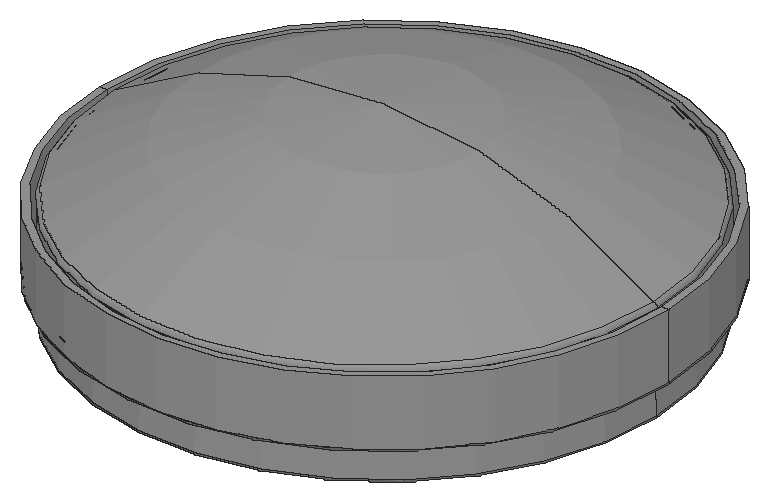
Revit family "3034820 Sylvania Lighting Fixture GIOTTO335 LED G2 4000K SURFACE 1-10V EMERGENCY", category Lighting Fixtures, host Face, Revit 2016
Family settings
  Host = Face
  Part Type = Normal
  Round Connector Dimension = Use Diameter
  OmniClass Number = 23.80.70.00
  OmniClass Title = Lighting
  Cut with Voids When Loaded = No
  Light Source = Yes
  Shared = No
  Room Calculation Point = No
Parameters (values of type "3034820 GIOTTO335 LED G2 SURFACE 4000K 1-10V E3")
  Weight = "1.5 kg"
  Wattage Comments = ""
  Wattage = 24 W
  WarrantyStartDate [instance] = "n/a"
  WarrantyGuarantorParts = "n/a"
  WarrantyDurationUnit = "n/a"
  WarrantyDurationParts = "n/a"
  WarrantyDescription = "n/a"
  built-in parameter 1150110 = 1 (stored number, unit not read)
  Voltage = 230 V
  URL = "http://www.sylvania-lighting.com"
  TypeName = "GIOTTO335 LED G2 4000K SURFACE 1-10V EMERGENCY"
  Type Image = <None>
  Type Comments = "n/a"
  built-in parameter 1114217 = 1 (stored number, unit not read)
  Tilt Angle = -90.00°
  built-in parameter 1150109 = 1 (stored number, unit not read)
  built-in parameter 1150134 = 12
  built-in parameter 1150113 = 1 (stored number, unit not read)
  SerialNumber [instance] = "n/a"
  Photometric Web File = "3034820.ies"
  Material_3_SYL = LED-Sylvania
  PowerFactor = 0
  PowerConsumption = "24 W"
  NominalLength = 335 mm
  NominalHeight = 110 mm
  NominalDepth = 335 mm
  Name = "GIOTTO335 LED G2 4000K SURFACE 1-10V EMERGENCY"
  ModelReference = Name  # "GIOTTO335 LED G2 4000K SURFACE 1-10V EMERGENCY"
  ModelNumber = "3034820"
  Model = Name  # "GIOTTO335 LED G2 4000K SURFACE 1-10V EMERGENCY"
  Material = "polycarbonate housing, polycarbonate diffuser"
  ManufacturerName = "Feilo Sylvania"
  Manufacturer = "Feilo Sylvania"
  LuminousEfficacy = "92 lm/W"
  built-in parameter 1150105 = 677.08 (stored number, unit not read)
  Lumens = 2208 lm
  LuminaireType = ""
  built-in parameter 1150115 = 1 (stored number, unit not read)
  LightOutputRatio = "n/a"
  built-in parameter 1150137 = (empty or 0)
  built-in parameter 1150139 = (empty or 0)
  LampsType = Lamp  # "LED"
  LampNominalLuminous = "2209 lm"
  LampMacAdamStep = "n/a"
  LampColourTemperature = "4000 K"
  LampColourRenderingIndex = "80"
  built-in parameter 1150112 = 1 (stored number, unit not read)
  built-in parameter 1150114 = 1 (stored number, unit not read)
  Lamp = "LED"
  Keynote = "16500"
  InstallationDate [instance] = "n/a"
  InputVoltage = "n/a"
  InputNominalFrequency = "n/a"
  built-in parameter 1150132 = (empty or 0)
  built-in parameter 1150102 = (empty or 0)
  built-in parameter 1150107 = 4000 (stored number, unit not read)
  built-in parameter 1150138 = (empty or 0)
  IngressProtection = "IP44"
  ImpactProtectionIndex = "IK10"
  built-in parameter 1150106 = 6.7708 (stored number, unit not read)
  IfcExportType = "IfcLightFixtureType"
  IfcExportAs = "IfcLightFixtureType"
  Height_SYL = 110 mm
  ExpectedLife = 50000
  Emit from Circle Diameter = 317 mm
  Emit Shape Visible in Rendering = no
  ElectricShockClassification = "Class I"
  built-in parameter 1150104 = 8.5471 (stored number, unit not read)
  DurationUnit = "hours"
  DocumentationLiterature = "http://www.sylvania-lighting.com/product/en-int/products/3034820"
  DimmingControlOptions = "n/a"
  Material_2_SYL = Polycarbonate_Sylvania_Giotto_Opal
  Dimming Lamp Color Temperature Shift = <None>
  DiffuserRadius_SYL = 282.611 mm
  Diameter_SYL = 335 mm
  Description = "Ambient and decorative round, surface mounted LED bulkhead luminaire. White robust polycarbonate body with opal diffuser, 2209 lm, 24W, 92lm/W, 4000K, CRI 80, 1-10V dimmable, integral 3 hour maintained emergency, 50,000 hours lumen maintenance. Drive current: 700mA, IP44, IK10, Class I, 220-240V, Energy class: A++, A+, A."
  Default Elevation = 1219.2 mm
  CreatedOn = "9/13/2018"
  CreatedBy = "@sylvania-lighting.com"
  Cost = 0
  Color Filter = 16777215
  built-in parameter 1114216 [instance] = (empty or 0)
  ClassificationValue = "EF_70_80"
  ClassificationName = "Uniclass2015"
  Material_1_SYL = Polycarbonate_Sylvania_Giotto_White
  BarCode [instance] = "n/a"
  built-in parameter 1114218 = 1 (stored number, unit not read)
  built-in parameter 1150133 = 10 (stored number, unit not read)
  AssetType = "Fixed"
  AssetIdentifier [instance] = "n/a"
  Assembly Code = "D5020200"
  Apparent Load = 24 VA
  Material_4_SYL = none
Types (2, lengths in mm): name | Wattage | Photometric Web File | built-in parameter 1150105 | Lumens | built-in parameter 1150132 | built-in parameter 1150106 | Apparent Load
  3034820 GIOTTO335 LED G2 SURFACE 4000K 1-10V E3 | 24 W | "3034820.ies" | 677.08 (stored number, unit not read) | 2208 lm | (empty or 0) | 6.7708 (stored number, unit not read) | 24 VA
  3034820 GIOTTO335 LED G2 SURFACE 4000K 1-10V E3 Emergency mode | 1.34783 W | "3034820EM.ies" | 38.695 (stored number, unit not read) | 124 lm | 2 | 0.38695 (stored number, unit not read) | 1.35 VA
Reference planes
  plane 1 "Center (Front/Back)": y = 0
  plane 2: z = 0
  plane 3 "Center (Left/Right)": x = 0
  plane 4: x = 167.5
  plane 5: x = -167.5
  plane 6: x = -160.5
  plane 7: x = -163.5
  plane 8: z = 110
  plane 9: z = 60
  plane 10: z = 20
  plane 11: z = 25
  plane 12: x = -165.9
  plane 13: z = 21.6
  plane 14: z = 1.6
  plane 15: x = -158.9
  plane 16: z = 19
  plane 17: x = -161.5
  plane 18: z = 26
Forms (mm)
  Revolve 1, solid, material "Polycarbonate_Sylvania_Giotto_White" <- "Material_1_SYL"
    sketch origin (0, 0, 0) x (1, 0, 0) y (0, 0, 1)
      loop
        line (0, 0) -> (0, 26) -> (-158.9, 26) -> (-158.9, 25) -> (-163.5, 25) -> (-163.5, 60) -> (-167.5, 60) -> (-167.5, 21.6)
        arc (-167.5, 21.6) -> (-167.031, 20.469) -> (-165.9, 20) r 1.6
        line (-165.9, 20) -> (-160.5, 20)
        arc (-160.5, 20) -> (-160.193, 19.541) -> (-160.086, 19) r 1.414
        line (-160.086, 19) -> (-160.5, 1.6)
        arc (-160.5, 1.6) -> (-160.031, 0.469) -> (-158.9, 0) r 1.6
        line (-158.9, 0) -> (0, 0)
      axis (0, 60) -> (0, 0)
    angle from 360 to 0
  Revolve 2, solid, material "Polycarbonate_Sylvania_Giotto_Opal" <- "Material_2_SYL"
    sketch origin (0, 0, 0) x (1, 0, 0) y (0, 0, 1)
      loop
        line (-160.5, 25) -> (-158.5, 25) -> (-158.5, 57.891)
        arc (-158.5, 57.891) -> (-158.267, 58.827) -> (-157.623, 59.545) r 2
        arc (-157.623, 59.545) -> (-82.451, 95.612) -> (0, 107.998) r 280.611
        line (0, 107.998) -> (0, 109.998)
        arc (0, 109.998) -> (-83.039, 97.523) -> (-158.747, 61.2) r 282.611
        arc (-158.747, 61.2) -> (-160.035, 59.763) -> (-160.5, 57.891) r 4
        line (-160.5, 57.891) -> (-160.5, 25)
      axis (0, 109.998) -> (0, 25)
    angle from 360 to 0
Dimensions and locks
  equal spacing: plane 4, plane 3 "Center (Left/Right)", plane 5
  "Diameter_SYL": plane 4 to plane 5
  locked: plane 6 to plane 5 at 7
  locked: plane 7 to plane 5 at 4
  "Height_SYL": plane 8 to plane 2
  locked: plane 8 to plane 9 at 50
  locked: plane 9 to plane 10 at 40
  Revolve 1 sketch curve to Revolve 1 sketch curve = 5.4 mm
  locked: plane 11 to plane 10 at 5
  locked: plane 12 to plane 5 at 1.6
  locked: plane 13 to plane 10 at 1.6
  locked: plane 14 to plane 2 at 1.6
  locked: plane 15 to plane 6 at 1.6
  locked: plane 6 to plane 17 at 1
  locked: plane 10 to plane 16 at 1
  locked: plane 18 to plane 11 at 1
  "DiffuserRadius_SYL": radius of Revolve 2 sketch curve
  aligned and locked: plane 2 to host face
  aligned and locked: level to host face
  aligned and locked: Revolve 1 sketch curve to plane 3 "Center (Left/Right)"
  aligned and locked: level to Revolve 1 sketch curve
  aligned and locked: Revolve 1 sketch curve to plane 10
  aligned and locked: plane 9 to Revolve 1 sketch curve
  aligned and locked: Revolve 1 sketch curve to plane 7
  aligned and locked: plane 12 to Revolve 1 sketch curve  (x2)
  aligned and locked: plane 13 to Revolve 1 sketch curve  (x2)
  aligned and locked: plane 17 to Revolve 1 sketch curve
  aligned and locked: plane 16 to Revolve 1 sketch curve  (x2)
  aligned and locked: plane 15 to Revolve 1 sketch curve  (x3)
  aligned and locked: plane 14 to Revolve 1 sketch curve  (x2)
  aligned and locked: Revolve 2 sketch curve to plane 3 "Center (Left/Right)"
  aligned and locked: plane 6 to Revolve 2 sketch curve
  aligned and locked: Revolve 2 sketch curve to Revolve 2 sketch curve
  aligned and locked: plane 3 "Center (Left/Right)" to imposter light
  aligned and locked: imposter light to plane 1 "Center (Front/Back)"
  aligned and locked: plane 18 to Revolve 1 sketch curve
  aligned and locked: plane 11 to Revolve 1 sketch curve
  aligned and locked: plane 11 to Revolve 2 sketch curve
  aligned and locked: plane 3 "Center (Left/Right)" to Revolve 2 sketch curve
  aligned and locked: imposter light to plane 8
Automatic sketch dimensions
  host sketch curve to host sketch curve = 2438.4 mm  (x2)
  Revolve 1 sketch curve to plane 3 "Center (Left/Right)" = 0 mm
  Revolve 1 sketch curve to level = 609.6 mm
  Revolve 1 sketch curve to plane 8 = 2499.058 mm
  Revolve 2 sketch curve to Revolve 2 sketch curve = 0 mm  (x3)
  plane 15 to Revolve 2 sketch curve = 0.4 mm
  Revolve 2 sketch curve to Revolve 2 sketch curve = 2 mm  (x2)
  Revolve 2 sketch curve to level = 172.613 mm
  plane 9 to Revolve 2 sketch curve = 2.109 mm
  Revolve 2 sketch curve to Revolve 2 sketch curve = 436.987 mm
  Revolve 2 sketch curve to plane 8 = 2499.058 mm
Connectors
  electrical at (0, 0, 0), driven by "Apparent Load", driven by "PowerFactor", driven by "Voltage"
    settings: index 1, voltage 230 V, apparent load 24 VA, apparent load phase1 0 VA, apparent load phase2 0 VA, apparent load phase3 0 VA, power factor 0, load classification "Lighting", number of poles 1, system type 30, power factor state 1, is connector primary yes, connector utility no, sub classification motor no, connector description ""
